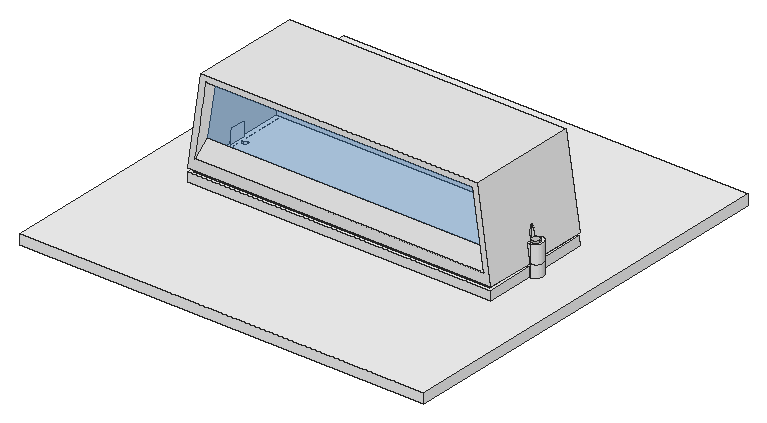
Revit family "BE_22360_de_DE", category Leuchten, Revit 2020
Family settings
  Basisbauteil = Fläche
  Bemaßung runder Anschluss = Durchmesser verwenden
  Teiletyp = Normal
  Beim Laden mit Abzugskörper schneiden = Ja
  Lichtquelle = Ja
  Gemeinsam genutzt = Nein
  Raumberechnungspunkt = Ja
Parameters (values of type "BEGA_22360_Weiß_K4")
  built-in parameter 1150104 = 11.679 (stored number, unit not read)
  Wattage = 21 W
  Default Elevation = 0 mm
  built-in parameter 1150113 = 1 (stored number, unit not read)
  built-in parameter 1114218 = 1 (stored number, unit not read)
  Umgebungstemperatur = "25 °C"
  URL = "https://www.bega.com/de/produkt/22360"
  Typenkommentare = "© 2022 BEGA. Wir behalten uns das Recht vor, technische Änderungen ohne vorherige Ankündigung vorzunehmen."  # constant formula
  Type Image = 22360.png
  built-in parameter 1150134 = 12
  built-in parameter 1150109 = 1 (stored number, unit not read)
  Strom = ""
  built-in parameter 1150110 = 1 (stored number, unit not read)
  Spannung = 239.996 V
  Sonderanfertigung = no
  Seriennummer [instance] = "Hier können Sie die eindeutige Seriennummer für das Facility Management eintragen."
  Schutzklasse = "I"
  Schutzart = "IP 65"
  Scheinlast = 0 VA
  Produktdatenblatt = "https://cdn.bega.com/bega/products/22360AK3/current/documents/data-sheets/de"
  Oberflächentemperatur = ""
  Neigungswinkel = 0.00°
  Modell = "22360WK4"
  Material_10 = BEGA_Glas_matt
  Material_06 = BEGA_Oberfläche_Edelstahl_gebürstet
  Material_03 = BEGA_Oberfläche_Weiss_matt
  Material_02 = BEGA_Oberfläche_Silber_matt
  Material_01 [instance] = BEGA_Oberfläche_Grafit_matt
  M_W = yes
  M_G = no
  M_A = no
  Logo = 0
  built-in parameter 1114217 = 1 (stored number, unit not read)
  built-in parameter 1150139 = (empty or 0)
  built-in parameter 1150105 = 210.08 (stored number, unit not read)
  built-in parameter 1150114 = 1 (stored number, unit not read)
  Lumens = 2639.91 lm
  built-in parameter 1150115 = 1 (stored number, unit not read)
  Leuchtenlichtstrom = "1037 lm"
  Leuchtenanzahl = ""
  Lebensdauerkriterien = "L70B50 @ 25 °C = 200000 h"
  Lastklassifizierung = Beleuchtung
  built-in parameter 1150112 = 1 (stored number, unit not read)
  Lampenlichtstrom = "2990 lm"
  Lampe = "LED 15.4 W"
  LED_Modulbezeichnung = "2x LED-1329/840"
  built-in parameter 1150142 = (empty or 0)
  Hersteller = "BEGA"  # constant formula
  Halbstreuwinkel = ""
  Gewicht = "2.05 kg"
  Gebrauchslageneinschränkung [instance] = ""
  Frequenz = "0/50-60 Hz"
  Farbwiedergabeindex = "CRI > 80"
  Farbtemperaturverschiebung bei Dämpfen der Lampe = <Keine Auswahl>
  Farbtemperatur = "4000 K"
  Color Filter = 16777215
  built-in parameter 1150133 = 10 (stored number, unit not read)
  Energieeffizienzklasse = "LED A++ - A"
  built-in parameter 1150137 = (empty or 0)
  built-in parameter 1150132 = (empty or 0)
  ENEC = "ja"
  Datei für fotometrisches Netz = "BE_22360K4.IES"
  CE_Konformität = "ja"
  Bestellnummer = "22360WK4"
  Beschreibung_Sonderanfertigung = "Hier können Sie Informationen zur Sonderanfertigung eintragen."
  Beschreibung = "Wandleuchte"
  built-in parameter 1150106 = 2.1008 (stored number, unit not read)
  Befestigungsbohrung = "Ø 5 mm"
  Befestigungsabstand = "274 mm"
  Ballwurfsicher = ""
  BEGA_Intern_aus = yes
  BEGA_Intern_an = yes
  BEGA_Intern_Konstruktion = yes
  BEGA_Intern = yes
  BEGA_IES = yes
  BEGA_Dummy = no
  Anschlussleitung = ""
  Anschlussleistung [instance] = "17.5 W"
  built-in parameter 1150107 = 4000 (stored number, unit not read)
  built-in parameter 1150102 = (empty or 0)
  built-in parameter 1150138 = (empty or 0)
  Aktualisierung = "2022-05-18T04:00:07"
  Abstand_zur_angestrahlten_Fläche [instance] = ""
  AC/DC = "AC/DC"
Types (6, lengths in mm): name | built-in parameter 1150104 | built-in parameter 1150134 | Modell | M_W | M_G | M_A | built-in parameter 1150105 | Lumens | Leuchtenlichtstrom | Lampenlichtstrom | LED_Modulbezeichnung | Farbtemperatur | Datei für fotometrisches Netz | Bestellnummer | built-in parameter 1150106 | built-in parameter 1150107
  BEGA_22360_Grafit_K3 | 10.883 (stored number, unit not read) | (empty or 0) | "22360K3" | no | yes | no | 195.76 (stored number, unit not read) | 2459.94 lm | "1023 lm" | "2950 lm" | "2x LED-1329/830" | "3000 K" | "BE_22360K3.IES" | "22360K3" | 1.9576 (stored number, unit not read) | 3000 (stored number, unit not read)
  BEGA_22360_Weiß_K3 | 10.883 (stored number, unit not read) | (empty or 0) | "22360WK3" | yes | no | no | 195.76 (stored number, unit not read) | 2459.94 lm | "1023 lm" | "2950 lm" | "2x LED-1329/830" | "3000 K" | "BE_22360K3.IES" | "22360WK3" | 1.9576 (stored number, unit not read) | 3000 (stored number, unit not read)
  BEGA_22360_Grafit_K4 | 11.679 (stored number, unit not read) | 12 | "22360K4" | no | yes | no | 210.08 (stored number, unit not read) | 2639.91 lm | "1037 lm" | "2990 lm" | "2x LED-1329/840" | "4000 K" | "BE_22360K4.IES" | "22360K4" | 2.1008 (stored number, unit not read) | 4000 (stored number, unit not read)
  BEGA_22360_Weiß_K4 | 11.679 (stored number, unit not read) | 12 | "22360WK4" | yes | no | no | 210.08 (stored number, unit not read) | 2639.91 lm | "1037 lm" | "2990 lm" | "2x LED-1329/840" | "4000 K" | "BE_22360K4.IES" | "22360WK4" | 2.1008 (stored number, unit not read) | 4000 (stored number, unit not read)
  BEGA_22360_Silber_K4 | 11.679 (stored number, unit not read) | 12 | "22360AK4" | no | no | yes | 210.08 (stored number, unit not read) | 2639.91 lm | "1037 lm" | "2990 lm" | "2x LED-1329/840" | "4000 K" | "BE_22360K4.IES" | "22360AK4" | 2.1008 (stored number, unit not read) | 4000 (stored number, unit not read)
  BEGA_22360_Silber_K3 | 10.883 (stored number, unit not read) | (empty or 0) | "22360AK3" | no | no | yes | 195.76 (stored number, unit not read) | 2459.94 lm | "1023 lm" | "2950 lm" | "2x LED-1329/830" | "3000 K" | "BE_22360K3.IES" | "22360AK3" | 1.9576 (stored number, unit not read) | 3000 (stored number, unit not read)
Reference planes
  plane 1 "Mitte (Vorne/Hinten)": y = 0
  plane 2: z = 0
  plane 3 "Mitte (Links/Rechts)": x = 0
  plane 4 "Links": x = -157.404
  plane 5 "Rechts": x = 157.404
  plane 6 "Unten": y = -55
  plane 7 "Oben": y = 55
  plane 8 "Vorne": z = 100
Forms (mm)
  Extrusion 1, solid, material "BEGA_Platte_Weiss"
    sketch origin (0, -1119.2, 0) x (1, 0, 0) y (0, 1, 0)
      loop
        line (-200, 1319.2) -> (-200, 919.2) -> (200, 919.2) -> (200, 1319.2) -> (-200, 1319.2)
    from 0 to -10
  Extrusion 2, solid, material "BEGA_Dummy_matt", visible <- "BEGA_Dummy"
    sketch origin (80.095, -76.023, 0) x (1, 0, 0) y (0, 1, 0)
      loop
        line (-237.5, 131.023) -> (-237.5, 21.023) -> (77.309, 21.023) -> (77.309, 131.023) -> (-237.5, 131.023)
    from 0 to 100
Dimensions and locks
  plane 1 "Mitte (Vorne/Hinten)" to Extrusion 1 = 200 mm
  aligned and locked: plane 2 to Extrusion 1
  aligned and locked: level to Extrusion 1
Nested families
  nested 1: "BE_22360" at (0, 0, 0) x (-1, 0, 0) z (0, 0, 1), type "BE_22360"
Connectors
  electrical at (0, 0, 0), driven by "Lastklassifizierung", driven by "Spannung", driven by "Scheinlast"
    settings: index 1, voltage 239.996 V, apparent load 0 VA, apparent load phase1 0 VA, apparent load phase2 0 VA, apparent load phase3 0 VA, power factor 1, load classification "Beleuchtung", number of poles 1, system type 31, power factor state 1, is connector primary yes, connector utility no, sub classification motor no, connector description ""
Definition of nested family "BE_22360"
  Parameters (values of type "BE_22360")
    Default Elevation = 1 mm
    URL = "http://www.bega.de/de/produkt"
    Type Comments = "© 2015 BEGA. Wir behalten uns das Recht vor, technische Änderungen ohne vorherige Ankündigung vorzunehmen. "  # constant formula
    Type Image = (empty or 0)
    Material_17 = none
    Material_15 = none
    Material_11 = none
    Material_10 = none
    Material_09 = none
    Material_06 = none
    Material_03 = none
    Material_02 = none
    Material_01 = none
    M_W = yes
    M_G = yes
    M_A = yes
    Länge_Platte = 400 mm  # constant formula
    Höhe_Platte = -10 mm  # constant formula
    Manufacturer = "BEGA"  # constant formula
    Breite_Platte = 200 mm  # constant formula
  Reference planes
    plane 1 "Mitte (Oben/Unten)": y = 0
    plane 2: z = 0
    plane 3 "Mitte (Links/Rechts)": x = 0
    plane 4 "Vorne": z = 100
    plane 5 "Hinten": z = 0
    plane 6 "Unten": y = -55
    plane 7: x = -157.404
    plane 8: x = 157.404
    plane 9: y = 55
  Forms (mm)
    Extrusion 1, solid, detail levels medium
      sketch origin (0, 0, 0) x (1, 0, 0) y (0, 1, 0)
        loop
          line (-200, 100) -> (-200, -100) -> (200, -100) -> (200, 100) -> (-200, 100)
      from 0 to -10 <- "Höhe_Platte"
    Extrusion 2, solid, material <- "Material_01", visible <- "M_G", detail levels medium+fine
      sketch origin (0, 0, 0) x (1, 0, 0) y (0, 0, 1)
        loop
          line (-136.735, 100) -> (-149.904, 12) -> (150.096, 12) -> (136.926, 100) -> (-136.735, 100)
      from 50.068 to 54.6
    Extrusion 3, solid, material <- "Material_01", visible <- "M_G", detail levels medium+fine
      sketch origin (0, 0, 0) x (1, 0, 0) y (0, 0, -1)
        loop
          line (-136.735, -100) -> (136.926, -100) -> (150.096, -12) -> (-149.904, -12) -> (-136.735, -100)
      from 48.491 to 54.6
    Extrusion 4, solid, material <- "Material_01", visible <- "M_G", detail levels medium+fine
      sketch origin (0, 0, 0) x (1, 0, 0) y (0, 0, 1)
        loop
          line (-136.735, 100) -> (-149.904, 12) -> (-145.295, 12) -> (-132.125, 100) -> (-136.735, 100)
        loop
          line (136.926, 100) -> (134.187, 100) -> (147.357, 12) -> (150.096, 12) -> (136.926, 100)
      from -54.6 to 54.6
    Extrusion 5, solid, material <- "Material_01", visible <- "M_G", detail levels medium+fine
      sketch origin (0, 0, 0) x (0, 1, 0) y (0, 0, 1)
        loop
          line (54.6, 100) -> (-54.6, 100) -> (-54.6, 97) -> (54.6, 97) -> (54.6, 100)
      from -135.181 to 135.412
    Sweep 6, solid, material <- "Material_01", visible <- "M_G", detail levels medium+fine
      path origin (0, 0, 0) x (1, 0, 0) y (0, 1, 0)
        loop
          line (150.096, 55) -> (-149.904, 55) -> (-149.904, -55) -> (150.096, -55) -> (150.096, 55)
      profile origin (150.096, 0, 0) x (1, 0, 0) y (0, 0, 1)
        loop
          line (0, 0) -> (-0.314, 9) -> (-3.226, 9) -> (-3.425, 14.7) -> (-11, 14.7) -> (-11, 12.4) -> (-6.612, 12.4) -> (-2.502, 5.735) -> (-2.301, 0) -> (0, 0)
    Extrusion 7, solid, material <- "Material_01", visible <- "M_G", detail levels medium+fine
      sketch origin (0, 0, 0) x (1, 0, 0) y (0, 1, 0)
        loop
          line (-138.904, 44) -> (-138.904, -44) -> (139.096, -44) -> (139.096, 44) -> (-138.904, 44)
      from 12.4 to 14.7
    Extrusion 8, solid, material <- "Material_01", visible <- "M_G", detail levels medium+fine
      sketch origin (0, 0, 0) x (1, 0, 0) y (0, 1, 0)
        loop
          arc (-149.904, 7.5) -> (-157.404, 0) -> (-149.904, -7.5) r 7.5
          line (-149.904, -7.5) -> (-144.904, -7.5) -> (-144.904, 7.5) -> (-149.904, 7.5)
        loop
          line (149.904, 7.5) -> (144.904, 7.5) -> (144.904, -7.5) -> (149.904, -7.5)
          arc (149.904, -7.5) -> (157.404, 0) -> (149.904, 7.5) r 7.5
      from 0 to 11.999
    Extrusion 9, solid, material <- "Material_01", visible <- "M_G", detail levels medium+fine
      sketch origin (0, 0, 0) x (1, 0, 0) y (0, 1, 0)
        loop
          line (-144.904, 7.5) -> (-149.904, 7.5)
          arc (-149.904, 7.5) -> (-157.404, 0) -> (-149.904, -7.5) r 7.5
          line (-149.904, -7.5) -> (-144.904, -7.5) -> (-144.904, 7.5)
        loop
          line (144.904, 7.5) -> (144.904, -7.5) -> (149.904, -7.5)
          arc (149.904, -7.5) -> (157.404, 0) -> (149.904, 7.5) r 7.5
          line (149.904, 7.5) -> (144.904, 7.5)
      from 12.064 to 29.5
    Extrusion 10, solid, material <- "Material_02", visible <- "M_A", detail levels medium+fine
      sketch origin (0, 0, 0) x (1, 0, 0) y (0, 0, 1)
        loop
          line (-136.735, 100) -> (-149.904, 12) -> (150.096, 12) -> (136.926, 100) -> (-136.735, 100)
      from 50.068 to 54.6
    Extrusion 11, solid, material <- "Material_02", visible <- "M_A", detail levels medium+fine
      sketch origin (0, 0, 0) x (1, 0, 0) y (0, 0, -1)
        loop
          line (-136.735, -100) -> (136.926, -100) -> (150.096, -12) -> (-149.904, -12) -> (-136.735, -100)
      from 48.491 to 54.6
    Extrusion 12, solid, material <- "Material_02", visible <- "M_A", detail levels medium+fine
      sketch origin (0, 0, 0) x (1, 0, 0) y (0, 0, 1)
        loop
          line (-136.735, 100) -> (-149.904, 12) -> (-145.295, 12) -> (-132.125, 100) -> (-136.735, 100)
        loop
          line (136.926, 100) -> (134.187, 100) -> (147.357, 12) -> (150.096, 12) -> (136.926, 100)
      from -54.6 to 54.6
    Extrusion 13, solid, material <- "Material_02", visible <- "M_A", detail levels medium+fine
      sketch origin (0, 0, 0) x (0, 1, 0) y (0, 0, 1)
        loop
          line (54.6, 100) -> (-54.6, 100) -> (-54.6, 97) -> (54.6, 97) -> (54.6, 100)
      from -135.181 to 135.412
    Extrusion 14, solid, material <- "Material_02", visible <- "M_A", detail levels medium+fine
      sketch origin (0, 0, 0) x (1, 0, 0) y (0, 1, 0)
        loop
          line (-144.904, 7.5) -> (-149.904, 7.5)
          arc (-149.904, 7.5) -> (-157.404, 0) -> (-149.904, -7.5) r 7.5
          line (-149.904, -7.5) -> (-144.904, -7.5) -> (-144.904, 7.5)
        loop
          line (144.904, 7.5) -> (144.904, -7.5) -> (149.904, -7.5)
          arc (149.904, -7.5) -> (157.404, 0) -> (149.904, 7.5) r 7.5
          line (149.904, 7.5) -> (144.904, 7.5)
      from 12.064 to 29.5
    Extrusion 15, solid, material <- "Material_03", visible <- "M_W", detail levels medium+fine
      sketch origin (0, 0, 0) x (1, 0, 0) y (0, 0, 1)
        loop
          line (-136.735, 100) -> (-149.904, 12) -> (150.096, 12) -> (136.926, 100) -> (-136.735, 100)
      from 50.068 to 54.6
    Extrusion 16, solid, material <- "Material_03", visible <- "M_W", detail levels medium+fine
      sketch origin (0, 0, 0) x (1, 0, 0) y (0, 0, -1)
        loop
          line (-136.735, -100) -> (136.926, -100) -> (150.096, -12) -> (-149.904, -12) -> (-136.735, -100)
      from 48.491 to 54.6
    Extrusion 17, solid, material <- "Material_03", visible <- "M_W", detail levels medium+fine
      sketch origin (0, 0, 0) x (1, 0, 0) y (0, 0, 1)
        loop
          line (-136.735, 100) -> (-149.904, 12) -> (-145.295, 12) -> (-132.125, 100) -> (-136.735, 100)
        loop
          line (136.926, 100) -> (134.187, 100) -> (147.357, 12) -> (150.096, 12) -> (136.926, 100)
      from -54.6 to 54.6
    Extrusion 18, solid, material <- "Material_03", visible <- "M_W", detail levels medium+fine
      sketch origin (0, 0, 0) x (0, 1, 0) y (0, 0, 1)
        loop
          line (54.6, 100) -> (-54.6, 100) -> (-54.6, 97) -> (54.6, 97) -> (54.6, 100)
      from -135.181 to 135.412
    Extrusion 19, solid, material <- "Material_03", visible <- "M_W", detail levels medium+fine
      sketch origin (0, 0, 0) x (1, 0, 0) y (0, 1, 0)
        loop
          line (-144.904, 7.5) -> (-149.904, 7.5)
          arc (-149.904, 7.5) -> (-157.404, 0) -> (-149.904, -7.5) r 7.5
          line (-149.904, -7.5) -> (-144.904, -7.5) -> (-144.904, 7.5)
        loop
          line (144.904, 7.5) -> (144.904, -7.5) -> (149.904, -7.5)
          arc (149.904, -7.5) -> (157.404, 0) -> (149.904, 7.5) r 7.5
          line (149.904, 7.5) -> (144.904, 7.5)
      from 12.064 to 29.5
    Sweep 20, solid, material <- "Material_02", visible <- "M_A", detail levels medium+fine
      path origin (0, 0, 0) x (1, 0, 0) y (0, 1, 0)
        loop
          line (150.096, 55) -> (-149.904, 55) -> (-149.904, -55) -> (150.096, -55) -> (150.096, 55)
      profile origin (150.096, 0, 0) x (1, 0, 0) y (0, 0, 1)
        loop
          line (0, 0) -> (-0.314, 9) -> (-3.226, 9) -> (-3.425, 14.7) -> (-11, 14.7) -> (-11, 12.4) -> (-6.612, 12.4) -> (-2.502, 5.735) -> (-2.301, 0) -> (0, 0)
    Extrusion 21, solid, material <- "Material_02", visible <- "M_A", detail levels medium+fine
      sketch origin (0, 0, 0) x (1, 0, 0) y (0, 1, 0)
        loop
          line (-138.904, 44) -> (-138.904, -44) -> (139.096, -44) -> (139.096, 44) -> (-138.904, 44)
      from 12.4 to 14.7
    Extrusion 22, solid, material <- "Material_02", visible <- "M_A", detail levels medium+fine
      sketch origin (0, 0, 0) x (1, 0, 0) y (0, 1, 0)
        loop
          arc (-149.904, 7.5) -> (-157.404, 0) -> (-149.904, -7.5) r 7.5
          line (-149.904, -7.5) -> (-144.904, -7.5) -> (-144.904, 7.5) -> (-149.904, 7.5)
        loop
          line (149.904, 7.5) -> (144.904, 7.5) -> (144.904, -7.5) -> (149.904, -7.5)
          arc (149.904, -7.5) -> (157.404, 0) -> (149.904, 7.5) r 7.5
      from 0 to 11.999
    Sweep 23, solid, material <- "Material_03", visible <- "M_W", detail levels medium+fine
      path origin (0, 0, 0) x (1, 0, 0) y (0, 1, 0)
        loop
          line (150.096, 55) -> (-149.904, 55) -> (-149.904, -55) -> (150.096, -55) -> (150.096, 55)
      profile origin (150.096, 0, 0) x (1, 0, 0) y (0, 0, 1)
        loop
          line (0, 0) -> (-0.314, 9) -> (-3.226, 9) -> (-3.425, 14.7) -> (-11, 14.7) -> (-11, 12.4) -> (-6.612, 12.4) -> (-2.502, 5.735) -> (-2.301, 0) -> (0, 0)
    Extrusion 24, solid, material <- "Material_03", visible <- "M_W", detail levels medium+fine
      sketch origin (0, 0, 0) x (1, 0, 0) y (0, 1, 0)
        loop
          line (-138.904, 44) -> (-138.904, -44) -> (139.096, -44) -> (139.096, 44) -> (-138.904, 44)
      from 12.4 to 14.7
    Extrusion 25, solid, material <- "Material_03", visible <- "M_W", detail levels medium+fine
      sketch origin (0, 0, 0) x (1, 0, 0) y (0, 1, 0)
        loop
          arc (-149.904, 7.5) -> (-157.404, 0) -> (-149.904, -7.5) r 7.5
          line (-149.904, -7.5) -> (-144.904, -7.5) -> (-144.904, 7.5) -> (-149.904, 7.5)
        loop
          line (149.904, 7.5) -> (144.904, 7.5) -> (144.904, -7.5) -> (149.904, -7.5)
          arc (149.904, -7.5) -> (157.404, 0) -> (149.904, 7.5) r 7.5
      from 0 to 11.999
    Blend 26, void
      base sketch origin (0, 0, 0) x (1, 0, 0) y (0, 0, 1)
        loop
          line (-135.565, 41.448) -> (135.565, 41.448) -> (128.219, 90.003) -> (-128.219, 90.003) -> (-135.565, 41.448)
      top sketch origin (0, 0, 0) x (1, 0, 0) y (0, 0, 1)
        loop
          line (-142.942, 22) -> (142.942, 22) -> (132.092, 94.5) -> (-132.092, 94.5) -> (-142.942, 22)
      from -48.275 to -54.767
    Extrusion 27, solid, material <- "Material_10", detail levels medium+fine
      sketch origin (0, 0, 0) x (1, 0, 0) y (0, 0, 1)
        loop
          line (-132.694, 96.2) -> (-141.625, 36.523) -> (143.687, 36.523) -> (134.756, 96.2) -> (-132.694, 96.2)
      from -47.074 to -42.898
    Revolve 28, void
      sketch origin (0, 0, 0) x (1, 0, 0) y (0, 0, 1)
        loop
          line (-152.304, -1.585) -> (-149.904, -1.585) -> (-149.904, 44.505) -> (-154.454, 44.505) -> (-154.454, 25.7) -> (-152.304, 25.7) -> (-152.304, -1.585)
        axis (-149.904, -1.585) -> (-149.904, 44.505)
      angle from 0 to 360
    Revolve 29, void
      sketch origin (0, 0, 0) x (-1, 0, 0) y (0, 0, 1)
        loop
          line (-152.304, -1.585) -> (-149.904, -1.585) -> (-149.904, 45.446) -> (-154.454, 45.446) -> (-154.454, 25.7) -> (-152.304, 25.7) -> (-152.304, -1.585)
        axis (-149.904, -1.585) -> (-149.904, 45.446)
      angle from 0 to 360
    Extrusion 30, solid, material <- "Material_06", detail levels fine
      sketch origin (0, 0, 0) x (1, 0, 0) y (0, 1, 0)
        loop
          circle (-149.904, 0) r 4.25
        loop
          circle (149.904, 0) r 4.25
      from 25.7 to 30.7
    Extrusion 31, void
      sketch origin (0, 0, 0) x (1, 0, 0) y (0, 1, 0)
        loop
          circle (-137, 0) r 2.4
        loop
          circle (137, 0) r 2.4
        loop
          circle (-30.02, 32.956) r 8.5
        loop
          circle (29.98, 32.956) r 8.5
      from 0 to 18.103
  Cuts and joins
    Revolve 28, Revolve 29, Extrusion 31 cuts Extrusion 2
    Blend 26, Revolve 28, Revolve 29, Extrusion 31 cuts Extrusion 3
    Revolve 28, Revolve 29, Extrusion 31 cuts Extrusion 4
    Revolve 28, Revolve 29, Extrusion 31 cuts Extrusion 5
    Revolve 28, Revolve 29, Extrusion 31 cuts Extrusion 9
    joined: Extrusion 2, Extrusion 3, Extrusion 4, Extrusion 5, Extrusion 9
    Revolve 28, Revolve 29, Extrusion 31 cuts Sweep 6
    Revolve 28, Revolve 29, Extrusion 31 cuts Extrusion 7
    Revolve 28, Revolve 29, Extrusion 31 cuts Extrusion 8
    joined: Sweep 6, Extrusion 7, Extrusion 8
    Blend 26, Revolve 28, Revolve 29, Extrusion 31 cuts Extrusion 10
    Blend 26, Revolve 28, Revolve 29, Extrusion 31 cuts Extrusion 11
    Blend 26, Revolve 28, Revolve 29, Extrusion 31 cuts Extrusion 12
    Blend 26, Revolve 28, Revolve 29, Extrusion 31 cuts Extrusion 13
    Blend 26, Revolve 28, Revolve 29, Extrusion 31 cuts Extrusion 14
    joined: Extrusion 10, Extrusion 11, Extrusion 12, Extrusion 13, Extrusion 14
    Revolve 28, Revolve 29, Extrusion 31 cuts Extrusion 15
    Blend 26, Revolve 28, Revolve 29, Extrusion 31 cuts Extrusion 16
    Revolve 28, Revolve 29, Extrusion 31 cuts Extrusion 17
    Revolve 28, Revolve 29, Extrusion 31 cuts Extrusion 18
    Revolve 28, Revolve 29, Extrusion 31 cuts Extrusion 19
    joined: Extrusion 15, Extrusion 16, Extrusion 17, Extrusion 18, Extrusion 19
    Revolve 28, Revolve 29, Extrusion 31 cuts Sweep 20
    Revolve 28, Revolve 29, Extrusion 31 cuts Extrusion 21
    Revolve 28, Revolve 29, Extrusion 31 cuts Extrusion 22
    joined: Sweep 20, Extrusion 21, Extrusion 22
    Revolve 28, Revolve 29, Extrusion 31 cuts Sweep 23
    Revolve 28, Revolve 29, Extrusion 31 cuts Extrusion 24
    Revolve 28, Revolve 29, Extrusion 31 cuts Extrusion 25
    joined: Sweep 23, Extrusion 24, Extrusion 25
  Dimensions and locks
    equal spacing: Extrusion 1 sketch curve, plane 3 "Mitte (Links/Rechts)", Extrusion 1 sketch curve
    equal spacing: Extrusion 1 sketch curve, plane 1 "Mitte (Oben/Unten)", Extrusion 1 sketch curve
    "Länge_Platte": Extrusion 1 sketch curve to Extrusion 1 sketch curve
    "Breite_Platte": Extrusion 1 sketch curve to Extrusion 1 sketch curve
    aligned and locked: plane 2 to Extrusion 1
    aligned and locked: level to Extrusion 1
  Automatic sketch dimensions
    level to Extrusion 2 sketch curve = 12 mm
    Extrusion 2 sketch curve to Extrusion 2 sketch curve = 88 mm
    level to Extrusion 3 sketch curve = 12 mm
    Extrusion 3 sketch curve to Extrusion 3 sketch curve = 88 mm
    level to Extrusion 4 sketch curve = 12 mm  (x2)
    Extrusion 4 sketch curve to Extrusion 4 sketch curve = 4.61 mm  (x2)
    Extrusion 4 sketch curve to Extrusion 4 sketch curve = 2.739 mm  (x2)
    Extrusion 4 sketch curve to Extrusion 4 sketch curve = 88 mm  (x2)
    plane 1 "Mitte (Oben/Unten)" to Extrusion 5 sketch curve = 54.6 mm
    Extrusion 5 sketch curve to plane 1 "Mitte (Oben/Unten)" = 54.6 mm
    level to Extrusion 5 sketch curve = 97 mm
    Extrusion 5 sketch curve to Extrusion 5 sketch curve = 3 mm
    plane 1 "Mitte (Oben/Unten)" to Sweep 6 sketch curve = 55 mm
    Sweep 6 sketch curve to plane 1 "Mitte (Oben/Unten)" = 55 mm
    Sweep 6 sketch curve to level = 0 mm
    profile plane to Sweep 6 sketch curve = 0 mm
    profile plane to Sweep 6 sketch curve = 0.314 mm
    profile plane to Sweep 6 sketch curve = 2.301 mm
    profile plane to Sweep 6 sketch curve = 2.502 mm
    Sweep 6 sketch curve to Sweep 6 sketch curve = 2.912 mm
    profile plane to Sweep 6 sketch curve = 3.425 mm
    Sweep 6 sketch curve to Sweep 6 sketch curve = 3.187 mm
    Sweep 6 sketch curve to Sweep 6 sketch curve = 4.388 mm
    level to Sweep 6 sketch curve = 5.735 mm
    Sweep 6 sketch curve to Sweep 6 sketch curve = 3.265 mm
    Sweep 6 sketch curve to Sweep 6 sketch curve = 3.4 mm
    Sweep 6 sketch curve to Sweep 6 sketch curve = 2.3 mm
    plane 1 "Mitte (Oben/Unten)" to Extrusion 7 sketch curve = 44 mm
    Extrusion 7 sketch curve to plane 1 "Mitte (Oben/Unten)" = 44 mm
    plane 1 "Mitte (Oben/Unten)" to Extrusion 8 sketch curve = 0 mm  (x2)
    plane 1 "Mitte (Oben/Unten)" to Extrusion 8 sketch curve = 7.5 mm  (x2)
    Extrusion 8 sketch curve to Extrusion 8 sketch curve = 5 mm  (x2)
    plane 1 "Mitte (Oben/Unten)" to Extrusion 9 sketch curve = 0 mm  (x2)
    Extrusion 9 sketch curve to plane 1 "Mitte (Oben/Unten)" = 7.5 mm  (x2)
    Extrusion 9 sketch curve to Extrusion 9 sketch curve = 5 mm  (x2)
    level to Extrusion 10 sketch curve = 12 mm
    Extrusion 10 sketch curve to Extrusion 10 sketch curve = 88 mm
    level to Extrusion 11 sketch curve = 12 mm
    Extrusion 11 sketch curve to Extrusion 11 sketch curve = 88 mm
    level to Extrusion 12 sketch curve = 12 mm  (x2)
    Extrusion 12 sketch curve to Extrusion 12 sketch curve = 4.61 mm  (x2)
    Extrusion 12 sketch curve to Extrusion 12 sketch curve = 2.739 mm  (x2)
    Extrusion 12 sketch curve to Extrusion 12 sketch curve = 88 mm  (x2)
    plane 1 "Mitte (Oben/Unten)" to Extrusion 13 sketch curve = 54.6 mm
    Extrusion 13 sketch curve to plane 1 "Mitte (Oben/Unten)" = 54.6 mm
    level to Extrusion 13 sketch curve = 97 mm
    Extrusion 13 sketch curve to Extrusion 13 sketch curve = 3 mm
    plane 1 "Mitte (Oben/Unten)" to Extrusion 14 sketch curve = 0 mm  (x2)
    Extrusion 14 sketch curve to plane 1 "Mitte (Oben/Unten)" = 7.5 mm  (x2)
    Extrusion 14 sketch curve to Extrusion 14 sketch curve = 5 mm  (x2)
    level to Extrusion 15 sketch curve = 12 mm
    Extrusion 15 sketch curve to Extrusion 15 sketch curve = 88 mm
    level to Extrusion 16 sketch curve = 12 mm
    Extrusion 16 sketch curve to Extrusion 16 sketch curve = 88 mm
    level to Extrusion 17 sketch curve = 12 mm  (x2)
    Extrusion 17 sketch curve to Extrusion 17 sketch curve = 4.61 mm  (x2)
    Extrusion 17 sketch curve to Extrusion 17 sketch curve = 2.739 mm  (x2)
    Extrusion 17 sketch curve to Extrusion 17 sketch curve = 88 mm  (x2)
    plane 1 "Mitte (Oben/Unten)" to Extrusion 18 sketch curve = 54.6 mm
    Extrusion 18 sketch curve to plane 1 "Mitte (Oben/Unten)" = 54.6 mm
    level to Extrusion 18 sketch curve = 97 mm
    Extrusion 18 sketch curve to Extrusion 18 sketch curve = 3 mm
    plane 1 "Mitte (Oben/Unten)" to Extrusion 19 sketch curve = 0 mm  (x2)
    Extrusion 19 sketch curve to plane 1 "Mitte (Oben/Unten)" = 7.5 mm  (x2)
    Extrusion 19 sketch curve to Extrusion 19 sketch curve = 5 mm  (x2)
    plane 1 "Mitte (Oben/Unten)" to Sweep 20 sketch curve = 55 mm
    Sweep 20 sketch curve to plane 1 "Mitte (Oben/Unten)" = 55 mm
    Sweep 20 sketch curve to level = 0 mm
    profile plane to Sweep 20 sketch curve = 0 mm
    profile plane to Sweep 20 sketch curve = 0.314 mm
    profile plane to Sweep 20 sketch curve = 2.301 mm
    profile plane to Sweep 20 sketch curve = 2.502 mm
    Sweep 20 sketch curve to Sweep 20 sketch curve = 2.912 mm
    profile plane to Sweep 20 sketch curve = 3.425 mm
    Sweep 20 sketch curve to Sweep 20 sketch curve = 3.187 mm
    Sweep 20 sketch curve to Sweep 20 sketch curve = 4.388 mm
    level to Sweep 20 sketch curve = 5.735 mm
    Sweep 20 sketch curve to Sweep 20 sketch curve = 3.265 mm
    Sweep 20 sketch curve to Sweep 20 sketch curve = 3.4 mm
    Sweep 20 sketch curve to Sweep 20 sketch curve = 2.3 mm
    plane 1 "Mitte (Oben/Unten)" to Extrusion 21 sketch curve = 44 mm
    Extrusion 21 sketch curve to plane 1 "Mitte (Oben/Unten)" = 44 mm
    plane 1 "Mitte (Oben/Unten)" to Extrusion 22 sketch curve = 0 mm  (x2)
    plane 1 "Mitte (Oben/Unten)" to Extrusion 22 sketch curve = 7.5 mm  (x2)
    Extrusion 22 sketch curve to Extrusion 22 sketch curve = 5 mm  (x2)
    plane 1 "Mitte (Oben/Unten)" to Sweep 23 sketch curve = 55 mm
    Sweep 23 sketch curve to plane 1 "Mitte (Oben/Unten)" = 55 mm
    Sweep 23 sketch curve to level = 0 mm
    profile plane to Sweep 23 sketch curve = 0 mm
    profile plane to Sweep 23 sketch curve = 0.314 mm
    profile plane to Sweep 23 sketch curve = 2.301 mm
    profile plane to Sweep 23 sketch curve = 2.502 mm
    Sweep 23 sketch curve to Sweep 23 sketch curve = 2.912 mm
    profile plane to Sweep 23 sketch curve = 3.425 mm
    Sweep 23 sketch curve to Sweep 23 sketch curve = 3.187 mm
    Sweep 23 sketch curve to Sweep 23 sketch curve = 4.388 mm
    level to Sweep 23 sketch curve = 5.735 mm
    Sweep 23 sketch curve to Sweep 23 sketch curve = 3.265 mm
    Sweep 23 sketch curve to Sweep 23 sketch curve = 3.4 mm
    Sweep 23 sketch curve to Sweep 23 sketch curve = 2.3 mm
    plane 1 "Mitte (Oben/Unten)" to Extrusion 24 sketch curve = 44 mm
    Extrusion 24 sketch curve to plane 1 "Mitte (Oben/Unten)" = 44 mm
    plane 1 "Mitte (Oben/Unten)" to Extrusion 25 sketch curve = 0 mm  (x2)
    plane 1 "Mitte (Oben/Unten)" to Extrusion 25 sketch curve = 7.5 mm  (x2)
    Extrusion 25 sketch curve to Extrusion 25 sketch curve = 5 mm  (x2)
    Blend 26 sketch curve to Blend 26 sketch curve = 7.346 mm  (x2)
    level to Blend 26 sketch curve = 41.448 mm
    Blend 26 sketch curve to Blend 26 sketch curve = 48.556 mm
    level to Blend 26 sketch curve = 22 mm
    Blend 26 sketch curve to Blend 26 sketch curve = 72.5 mm
    Extrusion 27 sketch curve to Extrusion 27 sketch curve = 8.931 mm  (x2)
    level to Extrusion 27 sketch curve = 36.523 mm
    Extrusion 27 sketch curve to Extrusion 27 sketch curve = 59.677 mm
    Revolve 28 sketch curve to level = 0 mm
    Revolve 28 sketch curve to level = 1.585 mm
    Revolve 28 sketch curve to Revolve 28 sketch curve = 2.15 mm
    Revolve 28 sketch curve to Revolve 28 sketch curve = 4.55 mm
    level to Revolve 28 sketch curve = 25.7 mm
    Revolve 28 sketch curve to Revolve 28 sketch curve = 18.805 mm
    Revolve 28 sketch curve to Revolve 28 sketch curve = 0 mm
    Revolve 28 sketch curve to Revolve 28 sketch curve = 4.223 mm
    Revolve 29 sketch curve to level = 0 mm
    level to Revolve 29 sketch curve = 1.585 mm
    Revolve 29 sketch curve to Revolve 29 sketch curve = 2.15 mm
    Revolve 29 sketch curve to Revolve 29 sketch curve = 4.55 mm
    Revolve 29 sketch curve to level = 25.7 mm
    Revolve 29 sketch curve to Revolve 29 sketch curve = 19.746 mm
    Revolve 29 sketch curve to Revolve 29 sketch curve = 0 mm
    Revolve 29 sketch curve to Revolve 29 sketch curve = 4.223 mm
    plane 1 "Mitte (Oben/Unten)" to Extrusion 30 sketch curve = 0 mm  (x2)
    plane 1 "Mitte (Oben/Unten)" to Extrusion 31 sketch curve = 0 mm  (x2)
    Extrusion 31 sketch curve to plane 3 "Mitte (Links/Rechts)" = 30.02 mm
    plane 3 "Mitte (Links/Rechts)" to Extrusion 31 sketch curve = 29.98 mm
    Extrusion 31 sketch curve to plane 1 "Mitte (Oben/Unten)" = 32.956 mm  (x2)
    Extrusion 2 sketch curve to plane 3 "Mitte (Links/Rechts)" = 136.735 mm
    Extrusion 2 sketch curve to Extrusion 2 sketch curve = 13.169 mm  (x2)
    Extrusion 3 sketch curve to plane 3 "Mitte (Links/Rechts)" = 136.735 mm
    Extrusion 3 sketch curve to Extrusion 3 sketch curve = 13.169 mm  (x2)
    Extrusion 4 sketch curve to plane 3 "Mitte (Links/Rechts)" = 132.125 mm
    Extrusion 4 sketch curve to Extrusion 4 sketch curve = 8.56 mm
    Sweep 6 sketch curve to plane 3 "Mitte (Links/Rechts)" = 149.904 mm
    Extrusion 7 sketch curve to plane 3 "Mitte (Links/Rechts)" = 138.904 mm
    Extrusion 8 sketch curve to plane 3 "Mitte (Links/Rechts)" = 144.904 mm
    Extrusion 9 sketch curve to plane 3 "Mitte (Links/Rechts)" = 144.904 mm
    Extrusion 10 sketch curve to plane 3 "Mitte (Links/Rechts)" = 136.735 mm
    Extrusion 10 sketch curve to Extrusion 10 sketch curve = 13.169 mm  (x2)
    Extrusion 11 sketch curve to plane 3 "Mitte (Links/Rechts)" = 136.735 mm
    Extrusion 11 sketch curve to Extrusion 11 sketch curve = 13.169 mm  (x2)
    Extrusion 12 sketch curve to plane 3 "Mitte (Links/Rechts)" = 132.125 mm
    Extrusion 12 sketch curve to Extrusion 12 sketch curve = 8.56 mm
    Extrusion 14 sketch curve to plane 3 "Mitte (Links/Rechts)" = 144.904 mm
    Extrusion 15 sketch curve to plane 3 "Mitte (Links/Rechts)" = 136.735 mm
    Extrusion 15 sketch curve to Extrusion 15 sketch curve = 13.169 mm  (x2)
    Extrusion 16 sketch curve to plane 3 "Mitte (Links/Rechts)" = 136.735 mm
    Extrusion 16 sketch curve to Extrusion 16 sketch curve = 13.169 mm  (x2)
    Extrusion 17 sketch curve to plane 3 "Mitte (Links/Rechts)" = 132.125 mm
    Extrusion 17 sketch curve to Extrusion 17 sketch curve = 8.56 mm
    Extrusion 19 sketch curve to plane 3 "Mitte (Links/Rechts)" = 144.904 mm
    Sweep 20 sketch curve to plane 3 "Mitte (Links/Rechts)" = 149.904 mm
    Extrusion 21 sketch curve to plane 3 "Mitte (Links/Rechts)" = 138.904 mm
    Extrusion 22 sketch curve to plane 3 "Mitte (Links/Rechts)" = 144.904 mm
    Sweep 23 sketch curve to plane 3 "Mitte (Links/Rechts)" = 149.904 mm
    Extrusion 24 sketch curve to plane 3 "Mitte (Links/Rechts)" = 138.904 mm
    Extrusion 25 sketch curve to plane 3 "Mitte (Links/Rechts)" = 144.904 mm
    Blend 26 sketch curve to plane 3 "Mitte (Links/Rechts)" = 128.219 mm
    Blend 26 sketch curve to plane 3 "Mitte (Links/Rechts)" = 132.092 mm
    Blend 26 sketch curve to Blend 26 sketch curve = 10.85 mm  (x2)
    Extrusion 27 sketch curve to plane 3 "Mitte (Links/Rechts)" = 132.694 mm
    Revolve 28 sketch curve to plane 3 "Mitte (Links/Rechts)" = 154.454 mm
    Extrusion 30 sketch curve to plane 3 "Mitte (Links/Rechts)" = 149.904 mm
    Extrusion 31 sketch curve to Extrusion 31 sketch curve = 106.98 mm
    plane 3 "Mitte (Links/Rechts)" to Extrusion 2 sketch curve = 136.926 mm
    plane 3 "Mitte (Links/Rechts)" to Extrusion 3 sketch curve = 136.926 mm
    plane 3 "Mitte (Links/Rechts)" to Extrusion 4 sketch curve = 134.187 mm
    Extrusion 4 sketch curve to Extrusion 4 sketch curve = 10.431 mm
    plane 3 "Mitte (Links/Rechts)" to Sweep 6 sketch curve = 150.096 mm
    plane 3 "Mitte (Links/Rechts)" to Extrusion 7 sketch curve = 139.096 mm
    plane 3 "Mitte (Links/Rechts)" to Extrusion 8 sketch curve = 144.904 mm
    plane 3 "Mitte (Links/Rechts)" to Extrusion 9 sketch curve = 144.904 mm
    plane 3 "Mitte (Links/Rechts)" to Extrusion 10 sketch curve = 136.926 mm
    plane 3 "Mitte (Links/Rechts)" to Extrusion 11 sketch curve = 136.926 mm
    plane 3 "Mitte (Links/Rechts)" to Extrusion 12 sketch curve = 134.187 mm
    Extrusion 12 sketch curve to Extrusion 12 sketch curve = 10.431 mm
    plane 3 "Mitte (Links/Rechts)" to Extrusion 14 sketch curve = 144.904 mm
    plane 3 "Mitte (Links/Rechts)" to Extrusion 15 sketch curve = 136.926 mm
    plane 3 "Mitte (Links/Rechts)" to Extrusion 16 sketch curve = 136.926 mm
    plane 3 "Mitte (Links/Rechts)" to Extrusion 17 sketch curve = 134.187 mm
    Extrusion 17 sketch curve to Extrusion 17 sketch curve = 10.431 mm
    plane 3 "Mitte (Links/Rechts)" to Extrusion 19 sketch curve = 144.904 mm
    plane 3 "Mitte (Links/Rechts)" to Sweep 20 sketch curve = 150.096 mm
    plane 3 "Mitte (Links/Rechts)" to Extrusion 21 sketch curve = 139.096 mm
    plane 3 "Mitte (Links/Rechts)" to Extrusion 22 sketch curve = 144.904 mm
    plane 3 "Mitte (Links/Rechts)" to Sweep 23 sketch curve = 150.096 mm
    plane 3 "Mitte (Links/Rechts)" to Extrusion 24 sketch curve = 139.096 mm
    plane 3 "Mitte (Links/Rechts)" to Extrusion 25 sketch curve = 144.904 mm
    plane 3 "Mitte (Links/Rechts)" to Blend 26 sketch curve = 128.219 mm
    plane 3 "Mitte (Links/Rechts)" to Blend 26 sketch curve = 132.092 mm
    plane 3 "Mitte (Links/Rechts)" to Extrusion 27 sketch curve = 134.756 mm
    Revolve 29 sketch curve to plane 3 "Mitte (Links/Rechts)" = 154.454 mm
    plane 3 "Mitte (Links/Rechts)" to Extrusion 30 sketch curve = 149.904 mm
    Extrusion 31 sketch curve to Extrusion 31 sketch curve = 107.02 mm
    radius of Extrusion 30 sketch curve = 4.25 mm  (x2)
    radius of Extrusion 31 sketch curve = 2.4 mm  (x2)
    radius of Extrusion 31 sketch curve = 8.5 mm  (x2)
